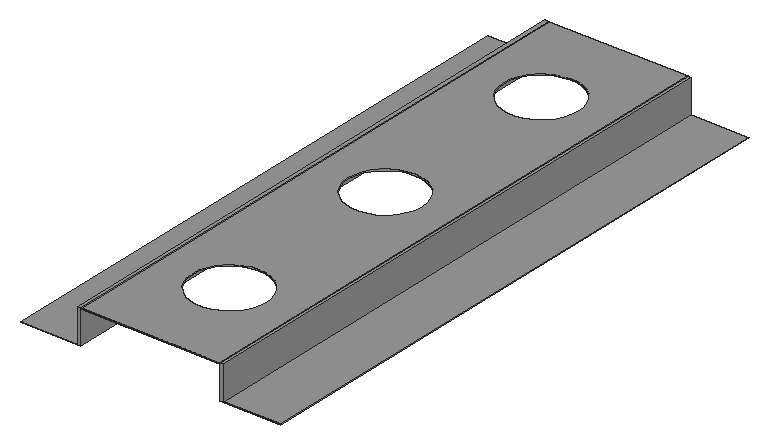
Revit family "OKA-G Kanaleinheit für GESR9, Höhe 40-140mm", category Generic Models, Revit 2015
Parameters (values of type "OKA-G60040140DR9")
  Width = 600 mm
  URL = "http://www.obo-bettermann.com"
  Material = Steel, Galvanized
  Manufacturer Art. No. = "7424246"
  Manufacturer = "OBO Bettermann"
  Length [instance] = 2400 mm
  HeightCalc [instance] = if(Height < 40 mm, 40 mm, (if(Height > 140 mm, 140 mm, Height)))  # 140 mm
  Height [instance] = 140 mm
  GTIN = "4012195243755"
  Cut's number = 3
  Article Type = "OKA-G60040140DR9"
Types (4, lengths in mm): name | Width | Manufacturer Art. No. | GTIN | Article Type
  (no name) | 600 | "7424246" | "4012195243755" | "OKA-G60040140DR9"
  OKA-G40040140DR9 | 400 | "7424240" | "4012195243717" | "OKA-G40040140DR9"
  OKA-G50040140DR9 | 500 | "7424242\r\n7424242" | "4012195243724" | "OKA-G50040140DR9"
  OKA-G60040140DR9 | 600 | "7424246" | "4012195243755" | "OKA-G60040140DR9"
Reference planes
  plane 1 "Center (Front/Back)": y = 0
  plane 2: z = 0
  plane 3 "Center (Left/Right)": x = 0
  plane 4: z = 140
  plane 5: y = -2400
  plane 6: x = 300
  plane 7: x = -300
Forms (mm)
  Extrusion 1, solid, material "Aluminum 6061"
    sketch origin (0, 0, 0) x (1, 0, 0) y (0, 0, 1)
      loop
        line (285, 140) -> (285, 0) -> (535, 0) -> (535, 1) -> (300, 1) -> (300, 140) -> (285, 140)
      loop
        line (-300, 1) -> (-535, 1) -> (-535, 0) -> (-285, 0) -> (-285, 140) -> (-300, 140) -> (-300, 1)
    from 0 to 2400
  Extrusion 2, solid, material "Steel, Galvanized" <- "Material"
    sketch origin (0, 0, 0) x (1, 0, 0) y (0, 0, 1)
      loop
        line (285, 136) -> (285, 140) -> (-285, 140) -> (-285, 136) -> (285, 136)
    from 0 to 2400
  Extrusion 3, void
    sketch origin (0, 0, 0) x (1, 0, 0) y (0, 1, 0)
      loop
        circle (4.211, -2000) r 152.5
    from 0 to 250
  Extrusion 4, void
    sketch origin (0, 800, 0) x (1, 0, 0) y (0, 1, 0)
      loop
        circle (4.211, -2000) r 152.5
    from 0 to 250
  Extrusion 5, void
    sketch origin (0, 1600, 0) x (1, 0, 0) y (0, 1, 0)
      loop
        circle (4.211, -2000) r 152.5
    from 0 to 250
Cuts and joins
  Extrusion 3, Extrusion 4, Extrusion 5 cuts Extrusion 2
Lines and regions (mm)
  model lines
    curve 1: line (-300, 0, 140) -> (-285, 0, 140)
    curve 2: line (-285, 0, 140) -> (-285, 0, 0)
    curve 3: line (-285, 0, 0) -> (-535, 0, 0)
    curve 4: line (-535, 0, 0) -> (-535, 0, 1)
    curve 5: line (-535, 0, 1) -> (-300, 0, 1)
    curve 6: line (-300, 0, 1) -> (-300, 0, 140)
    curve 7: line (285, 0, 140) -> (285, 0, 0)
    curve 8: line (285, 0, 0) -> (535, 0, 0)
    curve 9: line (535, 0, 0) -> (535, 0, 1)
    curve 10: line (535, 0, 1) -> (300, 0, 1)
    curve 11: line (300, 0, 1) -> (300, 0, 140)
    curve 12: line (300, 0, 140) -> (285, 0, 140)
    curve 13: line (285, 0, 140) -> (285, 0, 0)
    curve 14: line (-285, 0, 0) -> (-285, 0, 140)
    curve 15: line (-285, 0, 140) -> (285, 0, 140)
    curve 16: line (-285, 0, 136) -> (285, 0, 136)
Dimensions and locks
  locked: curve 5 to curve 3 at 1
  locked: curve 2 to curve 6 at 15
  locked: curve 10 to curve 8 at 1
  locked: curve 2 to curve 4 at 250
  locked: curve 9 to curve 7 at 250
  locked: curve 11 to curve 7 at 15
  "Length": plane 1 "Center (Front/Back)" to plane 5
  equal spacing: plane 7, plane 3 "Center (Left/Right)", plane 6
  "Width": plane 7 to plane 6
  "HeightCalc": level to plane 4
  locked: curve 16 to curve 15 at 4
  equal spacing: group 1, group 2, group 3  (x3)
  aligned and locked: level to plane 2
  aligned and locked: level to curve 3
  aligned and locked: curve 6 to plane 7
  aligned and locked: curve 11 to plane 6
  aligned and locked: plane 4 to curve 1
  aligned and locked: curve 8 to level
  aligned and locked: Extrusion 1 sketch curve to curve 13
  aligned and locked: Extrusion 1 sketch curve to curve 12
  aligned and locked: Extrusion 1 sketch curve to curve 11
  aligned and locked: Extrusion 1 sketch curve to curve 10
  aligned and locked: Extrusion 1 sketch curve to curve 9
  aligned and locked: Extrusion 1 sketch curve to curve 8
  aligned and locked: Extrusion 1 sketch curve to curve 6
  aligned and locked: Extrusion 1 sketch curve to curve 14
  aligned and locked: Extrusion 1 sketch curve to curve 1
  aligned and locked: Extrusion 1 sketch curve to curve 5
  aligned and locked: Extrusion 1 sketch curve to curve 3
  aligned and locked: Extrusion 1 sketch curve to curve 4
  aligned and locked: Extrusion 1 to plane 5
  aligned and locked: Extrusion 2 sketch curve to curve 16
  aligned and locked: Extrusion 2 sketch curve to curve 15
  aligned and locked: Extrusion 2 sketch curve to curve 2
  aligned and locked: Extrusion 2 sketch curve to curve 7
  aligned and locked: Extrusion 2 to plane 5
Automatic sketch dimensions
  radius of Extrusion 3 sketch curve = 152.5 mm
  radius of Extrusion 4 sketch curve = 152.5 mm
  radius of Extrusion 5 sketch curve = 152.5 mm
